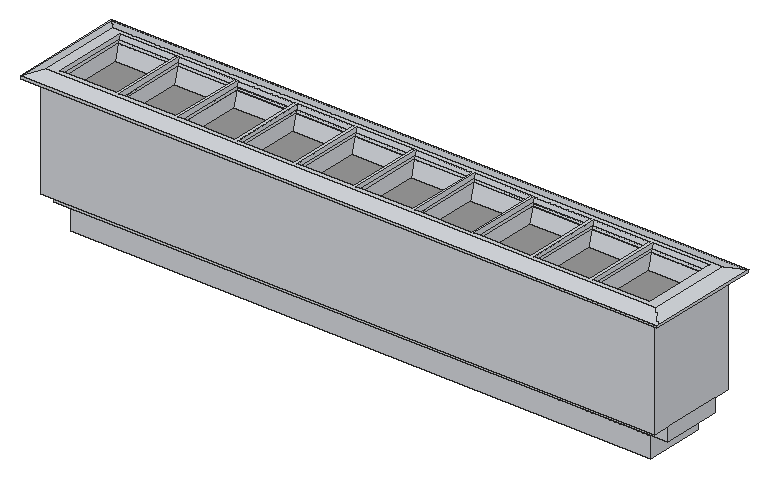
Revit family "2061194 Sylvania Lighting Fixture DOMINO 10xLED 930 BLACK MB TRIM WHITE", category Lighting Fixtures, host Face, Revit 2018
Family settings
  Host = Face
  Round Connector Dimension = Use Diameter
  Part Type = Normal
  OmniClass Number = 23.80.70.00
  OmniClass Title = Lighting
  Cut with Voids When Loaded = No
  Light Source = Yes
  Shared = No
  Room Calculation Point = No
Parameters (values of type "2061194 DOMINO 10XLED 930 BLACK MB TR WHT ")
  top top width = 15.812 mm
  top top length = 255 mm
  Width = 50 mm
  Weight = "n/a"
  Wattage Comments = ""
  Wattage = 9.2903 W
  WarrantyStartDate [instance] = "n/a"
  WarrantyGuarantorParts = "n/a"
  WarrantyDurationUnit = "n/a"
  WarrantyDurationParts = ""
  WarrantyDescription = "http://www.sylvania-lighting.com"
  built-in parameter 1150110 = 1 (stored number, unit not read)
  Voltage = 0 V
  URL = "0.95"
  TypeName = "DOMINO 10xLED 930 BLACK MB TRIM WHITE"
  Type Image = <None>
  Type Comments = "n/a"
  built-in parameter 1114217 = 1 (stored number, unit not read)
  Top Width = 26 mm
  Tilt Angle = 90.00°
  built-in parameter 1150109 = 1 (stored number, unit not read)
  built-in parameter 1150134 = 3
  built-in parameter 1150113 = 1 (stored number, unit not read)
  SerialNumber [instance] = "n/a"
  Recessed Width = 43 mm
  Recessed Length = 276 mm
  Photometric Web File = "2061194.ies"
  Material_3_FEILO = none
  PowerFactor = 0
  PowerConsumption = "Lighting"
  NominalLength = 50 mm
  NominalHeight = 0 mm
  NominalDepth = 0 mm
  Name = "DOMINO 10xLED 930 BLACK MB TRIM WHITE"
  ModelReference = Name  # "DOMINO 10xLED 930 BLACK MB TRIM WHITE"
  ModelNumber = "2061194"
  Model = Name  # "DOMINO 10xLED 930 BLACK MB TRIM WHITE"
  Material = "Feilo Sylvania"
  ManufacturerName = "62 lm/W"
  Manufacturer = ""
  LuminousEfficacy = ""
  built-in parameter 1150105 = 109.82 (stored number, unit not read)
  Lumens = 1380 lm
  LuminaireType = "0"
  built-in parameter 1150115 = 1 (stored number, unit not read)
  LightOutputRatio = "LED"
  built-in parameter 1150137 = (empty or 0)
  built-in parameter 1150139 = (empty or 0)
  Lens inside recess = 25 mm
  Lens Width = 32 mm
  Lens Outside recess = 31.978 mm
  Lens = Glass, White, High Luminance
  Length = 280 mm
  LampsType = Lamp  # "n/a"
  LampNominalLuminous = "3000 K"
  LampMacAdamStep = "90"
  LampColourTemperature = "LED"
  LampColourRenderingIndex = "16500"
  built-in parameter 1150112 = 1 (stored number, unit not read)
  built-in parameter 1150114 = 1 (stored number, unit not read)
  Lamp = "n/a"
  Keynote = "n/a"
  InstallationDate [instance] = "n/a"
  InputVoltage = "0"
  InputNominalFrequency = "3000"
  built-in parameter 1150132 = (empty or 0)
  built-in parameter 1150102 = (empty or 0)
  built-in parameter 1150107 = 3200 (stored number, unit not read)
  built-in parameter 1150138 = (empty or 0)
  IngressProtection = "IfcLightFixtureType"
  ImpactProtectionIndex = "IfcLightFixtureType"
  built-in parameter 1150106 = 1.0982 (stored number, unit not read)
  IfcExportType = "IfcLightFixtureType"
  IfcExportAs = "Class II"
  Facia internal width = 37 mm
  Facia internal length = 268 mm
  Facia Height = 2 mm
  ExpectedLife = 50000
  Emit from Circle Diameter = 609.6 mm
  Emit Shape Visible in Rendering = no
  ElectricShockClassification = "62"
  built-in parameter 1150104 = 13.8 (stored number, unit not read)
  DurationUnit = "hours"
  DocumentationLiterature = "http://www.sylvania-lighting.com/product/en-int/products/2061194"
  DimmingControlOptions = "n/a"
  Material_2_FEILO = none
  Dimming Lamp Color Temperature Shift = <None>
  Description = "Modular LED recessed linear spotlight, ideal for retail and hospitality applications. Die-cast aluminium body, passive cooling. Two levels of reflector installation, low glaring UGR<16. 10x LED source, 30° beam angle , optics: PMMA lens and polycarbonate reflector combination, Black matt reflector finish. Light color temperature: 3000K warm white, total system power: 23W , total fixture lumen output: 1425lm, efficacy: 62 lm/W, Ra90 typical, LED chromacity: 3 step MacAdam ellipse (SDCM3), lifespan: 96,000 hours at 90% of the original output (L90B10), IR/UV free light source without heat radiation, operating voltage: 220-240V / 50-60Hz, electronic driver, ultra low flicker, non-dimmable , electrical protection: Class II. Degree of Protection: IP40/IP20, suitable for indoor environment only. Ceiling cut-out: 43x43mm, outer dimensions:  280x50mm trim frame RAL 9016 - Traffic white / Bezel color.5 years Warranty."
  Default Elevation = 1219.2 mm
  CreatedOn = "11/02/2021"
  CreatedBy = "@sylvania-lighting.com"
  Cost = 0
  Color Filter = 16777215
  built-in parameter 1114216 [instance] = (empty or 0)
  ClassificationValue = "EF_70_80"
  ClassificationName = "Uniclass2015"
  Material_1_FEILO = none
  Body Width = 40 mm
  Body Length = 270 mm
  BarCode [instance] = "n/a"
  built-in parameter 1114218 = 1 (stored number, unit not read)
  built-in parameter 1150133 = 10 (stored number, unit not read)
  AssetType = "Fixed"
  AssetIdentifier [instance] = "n/a"
  Assembly Code = "D5020200"
  Apparent Load = 23 VA
  Material_4_FEILO = none
Reference planes
  plane 1 "Center (Front/Back)": y = 0
  plane 2: z = 0
  plane 3 "Center (Left/Right)": x = 0
  plane 4: z = 0
  plane 5: z = -7
  plane 6: z = -45.895
  plane 7: z = -51.895
  plane 8: z = -60.895
  plane 9: x = -138
  plane 10: x = 138
  plane 11: y = 21.5
  plane 12: y = -21.5
  plane 13: x = -140
  plane 14: x = 140
  plane 15: y = 25
  plane 16: y = -25
  plane 17: x = 134
  plane 18: x = -134
  plane 19: y = 18.5
  plane 20: y = -18.5
  plane 21: z = 2
  plane 22: x = -135
  plane 23: x = 135
  plane 24: y = 20
  plane 25: y = -20
  plane 26: y = 13
  plane 27: y = -13
  plane 28: x = 127.5
  plane 29: x = -127.5
  plane 30: x = -132
  plane 31: y = 16.5
  plane 32: y = -16.472
  plane 33: y = 13
  plane 34: y = -12.972
  plane 35: x = 129.7
  plane 36: x = 127.224
Forms (mm)
  Extrusion 1, solid, not visible, detail levels medium+fine
    sketch origin (4.2, 0, 0) x (1, 0, 0) y (0, 1, 0)
      loop
        line (-29.2, 34.5) -> (-29.2, -34.5) -> (20.8, -34.5) -> (20.8, 34.5) -> (-29.2, 34.5)
    from 0 to 1
  Extrusion 2, solid, not visible, detail levels medium+fine
    sketch origin (4.044, 0, 0) x (1, 0, 0) y (0, 1, 0)
      loop
        line (-29.2, 34.5) -> (-29.2, -34.5) -> (20.8, -34.5) -> (20.8, 34.5) -> (-29.2, 34.5)
    from 0 to 1
  Blend 3, solid, not visible, detail levels medium+fine
    base sketch origin (4.2, 0, 0) x (1, 0, 0) y (0, 1, 0)
      loop
        line (-29.2, 34.5) -> (-29.2, -34.5) -> (20.8, -34.5) -> (20.8, 34.5) -> (-29.2, 34.5)
    top sketch origin (4.2, 0, 0) x (1, 0, 0) y (0, 1, 0)
      loop
        line (-21.7, 28) -> (-21.7, -28) -> (13.3, -28) -> (13.3, 28) -> (-21.7, 28)
    from 1 to 3
  Extrusion 4, solid, not visible, detail levels medium+fine
    sketch origin (3.419, 0, 0) x (1, 0, 0) y (0, 1, 0)
      loop
        line (-29.2, 34.5) -> (-29.2, -34.5) -> (20.8, -34.5) -> (20.8, 34.5) -> (-29.2, 34.5)
    from 0 to 1
  Blend 5, solid, not visible, detail levels medium+fine
    base sketch origin (3.575, 0, 0) x (1, 0, 0) y (0, 1, 0)
      loop
        line (-29.2, 34.5) -> (-29.2, -34.5) -> (20.8, -34.5) -> (20.8, 34.5) -> (-29.2, 34.5)
    top sketch origin (3.575, 0, 0) x (1, 0, 0) y (0, 1, 0)
      loop
        line (-21.7, 28) -> (-21.7, -28) -> (13.3, -28) -> (13.3, 28) -> (-21.7, 28)
    from 1 to 3
  Extrusion 6, solid, not visible, detail levels medium+fine
    sketch origin (4.247, 0, 0) x (1, 0, 0) y (0, 1, 0)
      loop
        line (-29.2, 34.5) -> (-29.2, -34.5) -> (20.8, -34.5) -> (20.8, 34.5) -> (-29.2, 34.5)
    from 0 to 1
  Blend 7, solid, not visible, detail levels medium+fine
    base sketch origin (4.403, 0, 0) x (1, 0, 0) y (0, 1, 0)
      loop
        line (-29.2, 34.5) -> (-29.2, -34.5) -> (20.8, -34.5) -> (20.8, 34.5) -> (-29.2, 34.5)
    top sketch origin (4.403, 0, 0) x (1, 0, 0) y (0, 1, 0)
      loop
        line (-21.7, 28) -> (-21.7, -28) -> (13.3, -28) -> (13.3, 28) -> (-21.7, 28)
    from 1 to 3
  Extrusion 8, void, detail levels medium+fine
    sketch origin (4.2, 0, 0) x (0, 1, 0) y (1, 0, 0)
      loop
        line (21.5, -142.2) -> (21.5, 133.8) -> (-21.5, 133.8) -> (-21.5, -142.2) -> (21.5, -142.2)
    from -9.934 to 83.097
  Extrusion 9, solid, detail levels medium+fine
    sketch origin (4.2, 0, 0) x (1, 0, 0) y (0, 1, 0)
      loop
        line (-144.2, 25) -> (-144.2, -25) -> (135.8, -25) -> (135.8, 25) -> (-144.2, 25)
    from 0 to 1
  Extrusion 10, solid, detail levels medium+fine
    sketch origin (4.2, 0, 0) x (1, 0, 0) y (0, 1, 0)
      loop
        line (-139.2, 20) -> (-139.2, -20) -> (130.8, -20) -> (130.8, 20) -> (-139.2, 20)
    from 0 to -45.895
  Extrusion 11, solid, detail levels medium+fine
    sketch origin (4.2, 0, 0) x (1, 0, 0) y (0, 1, 0)
      loop
        line (-139.2, 13) -> (-139.2, -13) -> (130.8, -13) -> (130.8, 13) -> (-139.2, 13)
    from -51.895 to -45.895
  Extrusion 12, solid, material "Glass, White, High Luminance" <- "Lens", detail levels fine
    sketch origin (-53.155, 1221.106, 36.156) x (1, 0, 0) y (0, 1, 0)
      loop
        line (-76.18, -1206.856) -> (-76.18, -1232.856) -> (-52.18, -1232.856) -> (-52.18, -1206.856) -> (-76.18, -1206.856)
    from -43.156 to -42.182
  Blend 13, solid, detail levels medium+fine
    base sketch origin (4.2, 0, 0) x (1, 0, 0) y (0, 1, 0)
      loop
        line (-144.2, 25) -> (-144.2, -25) -> (135.8, -25) -> (135.8, 25) -> (-144.2, 25)
    top sketch origin (4.2, 0, 0) x (1, 0, 0) y (0, 1, 0)
      loop
        line (-138.2, 18.5) -> (-138.2, -18.5) -> (129.8, -18.5) -> (129.8, 18.5) -> (-138.2, 18.5)
    from 1 to 3
  Extrusion 14, solid, detail levels fine
    sketch origin (0, 0, 0) x (1, 0, 0) y (0, 0, 1)
      loop
        line (-127.5, -51.895) -> (-127.5, -60.895) -> (127.5, -60.895) -> (127.5, -51.895) -> (-127.5, -51.895)
    from -13 to 13
  Blend 15, void
    base sketch origin (-59.8, 0, 0) x (0, 1, 0) y (-1, 0, 0)
      loop
        line (16.5, 69.7) -> (-16.472, 69.7) -> (-16.472, 44.7) -> (16.5, 44.7) -> (16.5, 69.7)
    top sketch origin (-59.8, 0, 0) x (0, 1, 0) y (-1, 0, 0)
      loop
        line (13, 69.2) -> (-12.972, 69.2) -> (-12.972, 45.2) -> (13, 45.2) -> (13, 69.2)
    from 3 to -7
  Blend 16, void
    base sketch origin (18.282, 0, 0) x (0, 1, 0) y (-1, 0, 0)
      loop
        line (16.5, 69.7) -> (-16.472, 69.7) -> (-16.472, 44.7) -> (16.5, 44.7) -> (16.5, 69.7)
    top sketch origin (18.282, 0, 0) x (0, 1, 0) y (-1, 0, 0)
      loop
        line (13, 69.2) -> (-12.972, 69.2) -> (-12.972, 45.2) -> (13, 45.2) -> (13, 69.2)
    from 3 to -7
  Blend 17, void
    base sketch origin (44.284, -0.017, 0) x (0, 1, 0) y (-1, 0, 0)
      loop
        line (16.5, 69.7) -> (-16.472, 69.7) -> (-16.472, 44.7) -> (16.5, 44.7) -> (16.5, 69.7)
    top sketch origin (44.284, -0.017, 0) x (0, 1, 0) y (-1, 0, 0)
      loop
        line (13, 69.2) -> (-12.972, 69.2) -> (-12.972, 45.2) -> (13, 45.2) -> (13, 69.2)
    from 3 to -7
  Blend 18, void
    base sketch origin (70.327, 0, 0) x (0, 1, 0) y (-1, 0, 0)
      loop
        line (16.5, 69.7) -> (-16.472, 69.7) -> (-16.472, 44.7) -> (16.5, 44.7) -> (16.5, 69.7)
    top sketch origin (70.327, 0, 0) x (0, 1, 0) y (-1, 0, 0)
      loop
        line (13, 69.2) -> (-12.972, 69.2) -> (-12.972, 45.2) -> (13, 45.2) -> (13, 69.2)
    from 3 to -7
  Blend 19, void
    base sketch origin (96.351, 0, 0) x (0, 1, 0) y (-1, 0, 0)
      loop
        line (16.5, 69.7) -> (-16.472, 69.7) -> (-16.472, 44.7) -> (16.5, 44.7) -> (16.5, 69.7)
    top sketch origin (96.351, 0, 0) x (0, 1, 0) y (-1, 0, 0)
      loop
        line (13, 69.2) -> (-12.972, 69.2) -> (-12.972, 45.2) -> (13, 45.2) -> (13, 69.2)
    from 3 to -7
  Extrusion 20, solid, material "Glass, White, High Luminance" <- "Lens", detail levels fine
    sketch origin (-29.269, 1219.946, 36.156) x (1, 0, 0) y (0, 1, 0)
      loop
        line (-73.723, -1206.946) -> (-73.723, -1232.946) -> (-49.723, -1232.946) -> (-49.723, -1206.946) -> (-73.723, -1206.946)
    from -43.156 to -42.182
  Extrusion 21, solid, material "Glass, White, High Luminance" <- "Lens", detail levels fine
    sketch origin (-0.613, 1219.733, 36.156) x (1, 0, 0) y (0, 1, 0)
      loop
        line (-76.347, -1206.7) -> (-76.347, -1232.733) -> (-52.347, -1232.733) -> (-52.347, -1206.7) -> (-76.347, -1206.7)
    from -43.156 to -42.182
  Extrusion 22, solid, material "Glass, White, High Luminance" <- "Lens", detail levels fine
    sketch origin (24.387, 1218.509, 36.156) x (1, 0, 0) y (0, 1, 0)
      loop
        line (-75.305, -1205.509) -> (-75.305, -1231.509) -> (-51.305, -1231.509) -> (-51.305, -1205.509) -> (-75.305, -1205.509)
    from -43.156 to -42.182
  Extrusion 23, solid, material "Glass, White, High Luminance" <- "Lens", detail levels fine
    sketch origin (51.187, 1219.547, 36.156) x (1, 0, 0) y (0, 1, 0)
      loop
        line (-76.102, -1206.547) -> (-76.102, -1232.547) -> (-52.102, -1232.547) -> (-52.102, -1206.547) -> (-76.102, -1206.547)
    from -43.156 to -42.182
  Blend 24, void
    base sketch origin (-33.792, 0, 0) x (0, 1, 0) y (-1, 0, 0)
      loop
        line (16.5, 69.7) -> (-16.472, 69.7) -> (-16.472, 44.7) -> (16.5, 44.7) -> (16.5, 69.7)
    top sketch origin (-33.792, 0, 0) x (0, 1, 0) y (-1, 0, 0)
      loop
        line (13, 69.2) -> (-12.972, 69.2) -> (-12.972, 45.2) -> (13, 45.2) -> (13, 69.2)
    from 3 to -7
  Blend 25, void
    base sketch origin (-7.76, 0, 0) x (0, 1, 0) y (-1, 0, 0)
      loop
        line (16.5, 69.7) -> (-16.472, 69.7) -> (-16.472, 44.7) -> (16.5, 44.7) -> (16.5, 69.7)
    top sketch origin (-7.76, 0, 0) x (0, 1, 0) y (-1, 0, 0)
      loop
        line (13, 69.2) -> (-12.972, 69.2) -> (-12.972, 45.2) -> (13, 45.2) -> (13, 69.2)
    from 3 to -7
  Blend 26, void
    base sketch origin (122.411, 0, 0) x (0, 1, 0) y (-1, 0, 0)
      loop
        line (16.5, 69.7) -> (-16.472, 69.7) -> (-16.472, 44.7) -> (16.5, 44.7) -> (16.5, 69.7)
    top sketch origin (122.411, 0, 0) x (0, 1, 0) y (-1, 0, 0)
      loop
        line (13, 69.2) -> (-12.972, 69.2) -> (-12.972, 45.2) -> (13, 45.2) -> (13, 69.2)
    from 3 to -7
  Extrusion 27, solid, material "Glass, White, High Luminance" <- "Lens", detail levels fine
    sketch origin (77.265, 1219.547, 36.156) x (1, 0, 0) y (0, 1, 0)
      loop
        line (-76.102, -1206.547) -> (-76.102, -1232.547) -> (-52.102, -1232.547) -> (-52.102, -1206.547) -> (-76.102, -1206.547)
    from -43.156 to -42.182
  Extrusion 28, solid, material "Glass, White, High Luminance" <- "Lens", detail levels fine
    sketch origin (100.753, 1219.547, 36.156) x (1, 0, 0) y (0, 1, 0)
      loop
        line (-76.102, -1206.547) -> (-76.102, -1232.547) -> (-52.102, -1232.547) -> (-52.102, -1206.547) -> (-76.102, -1206.547)
    from -43.156 to -42.182
  Extrusion 29, solid, material "Glass, White, High Luminance" <- "Lens", detail levels fine
    sketch origin (129.314, 1219.547, 36.156) x (1, 0, 0) y (0, 1, 0)
      loop
        line (-76.102, -1206.547) -> (-76.102, -1232.547) -> (-52.102, -1232.547) -> (-52.102, -1206.547) -> (-76.102, -1206.547)
    from -43.156 to -42.182
  Blend 30, void
    base sketch origin (148.416, 0, 0) x (0, 1, 0) y (-1, 0, 0)
      loop
        line (16.5, 69.7) -> (-16.472, 69.7) -> (-16.472, 44.7) -> (16.5, 44.7) -> (16.5, 69.7)
    top sketch origin (148.416, 0, 0) x (0, 1, 0) y (-1, 0, 0)
      loop
        line (13, 69.2) -> (-12.972, 69.2) -> (-12.972, 45.2) -> (13, 45.2) -> (13, 69.2)
    from 3 to -7
  Extrusion 31, solid, material "Glass, White, High Luminance" <- "Lens", detail levels fine
    sketch origin (155.278, 1219.547, 36.156) x (1, 0, 0) y (0, 1, 0)
      loop
        line (-76.102, -1206.547) -> (-76.102, -1232.547) -> (-52.102, -1232.547) -> (-52.102, -1206.547) -> (-76.102, -1206.547)
    from -43.156 to -42.182
  Blend 32, void
    base sketch origin (174.42, 0, 0) x (0, 1, 0) y (-1, 0, 0)
      loop
        line (16.5, 69.7) -> (-16.472, 69.7) -> (-16.472, 44.7) -> (16.5, 44.7) -> (16.5, 69.7)
    top sketch origin (174.42, 0, 0) x (0, 1, 0) y (-1, 0, 0)
      loop
        line (13, 69.2) -> (-12.972, 69.2) -> (-12.972, 45.2) -> (13, 45.2) -> (13, 69.2)
    from 3 to -7
  Extrusion 33, solid, material "Glass, White, High Luminance" <- "Lens", detail levels fine
    sketch origin (181.434, 1219.547, 36.156) x (1, 0, 0) y (0, 1, 0)
      loop
        line (-76.214, -1206.547) -> (-76.214, -1232.547) -> (-52.214, -1232.547) -> (-52.214, -1206.547) -> (-76.214, -1206.547)
    from -43.156 to -42.182
  Extrusion 34, solid, detail levels coarse
    sketch origin (4.2, 0, 0) x (1, 0, 0) y (0, 1, 0)
      loop
        line (-144.2, 25) -> (-144.2, -25) -> (135.8, -25) -> (135.8, 25) -> (-144.2, 25)
    from -60.895 to 3
Cuts and joins
  Blend 15, Blend 16, Blend 17, Blend 18, Blend 19, Blend 24, Blend 25, Blend 26, Blend 30, Blend 32 cuts Extrusion 9
  Blend 15, Blend 16, Blend 17, Blend 18, Blend 19, Blend 24, Blend 25, Blend 26, Blend 30, Blend 32 cuts Extrusion 10
  Blend 15, Blend 16, Blend 17, Blend 18, Blend 19, Blend 24, Blend 25, Blend 26, Blend 30, Blend 32 cuts Blend 13
  Blend 32 cuts Extrusion 31
Dimensions and locks
  "Recessed Length": plane 9 to plane 10
  equal spacing: plane 9, plane 3 "Center (Left/Right)", plane 10
  "Length": plane 13 to plane 14
  equal spacing: plane 13, plane 3 "Center (Left/Right)", plane 14
  "Recessed Width": plane 11 to plane 12
  equal spacing: plane 11, plane 1 "Center (Front/Back)", plane 12
  "Width": plane 15 to plane 16
  equal spacing: plane 15, plane 1 "Center (Front/Back)", plane 16
  "Facia internal length": plane 18 to plane 17
  equal spacing: plane 18, plane 3 "Center (Left/Right)", plane 17
  "Facia internal width": plane 19 to plane 20
  equal spacing: plane 19, plane 1 "Center (Front/Back)", plane 20
  "Facia Height": plane 21 to host face
  "Body Length": plane 22 to plane 23
  equal spacing: plane 22, plane 3 "Center (Left/Right)", plane 23
  "Body Width": plane 24 to plane 25
  equal spacing: plane 24, plane 1 "Center (Front/Back)", plane 25
  "Top Width": plane 26 to plane 27
  equal spacing: plane 26, plane 1 "Center (Front/Back)", plane 27
  "top top length": plane 29 to plane 28
  equal spacing: plane 29, plane 3 "Center (Left/Right)", plane 28  (x2)
  plane 28 to plane 29 = 255 mm
  equal spacing: plane 28, plane 3 "Center (Left/Right)", plane 29
  aligned and locked: plane 2 to host face
  aligned and locked: level to host face
  aligned and locked: Extrusion 11 to plane 7
  aligned and locked: Extrusion 10 to plane 6
  aligned and locked: Extrusion 12 to plane 5
Automatic sketch dimensions
  Extrusion 1 sketch curve to Extrusion 1 sketch curve = 50 mm
  Extrusion 1 sketch curve to Extrusion 1 sketch curve = 69 mm
  Extrusion 2 sketch curve to Extrusion 2 sketch curve = 50 mm
  Extrusion 2 sketch curve to Extrusion 2 sketch curve = 69 mm
  Blend 3 sketch curve to Blend 3 sketch curve = 50 mm
  Blend 3 sketch curve to Blend 3 sketch curve = 69 mm
  Blend 3 sketch curve to Blend 3 sketch curve = 35 mm
  Blend 3 sketch curve to Blend 3 sketch curve = 56 mm
  Extrusion 4 sketch curve to Extrusion 4 sketch curve = 50 mm
  Extrusion 4 sketch curve to Extrusion 4 sketch curve = 69 mm
  Blend 5 sketch curve to Blend 5 sketch curve = 50 mm
  Blend 5 sketch curve to Blend 5 sketch curve = 69 mm
  Blend 5 sketch curve to Blend 5 sketch curve = 35 mm
  Blend 5 sketch curve to Blend 5 sketch curve = 56 mm
  Extrusion 6 sketch curve to Extrusion 6 sketch curve = 50 mm
  Extrusion 6 sketch curve to Extrusion 6 sketch curve = 69 mm
  Blend 7 sketch curve to Blend 7 sketch curve = 50 mm
  Blend 7 sketch curve to Blend 7 sketch curve = 69 mm
  Blend 7 sketch curve to Blend 7 sketch curve = 35 mm
  Blend 7 sketch curve to Blend 7 sketch curve = 56 mm
  host sketch curve to host sketch curve = 2438.4 mm  (x2)
  Extrusion 8 sketch curve to plane 9 = 0 mm
  Extrusion 8 sketch curve to plane 12 = 0 mm
  Extrusion 8 sketch curve to plane 11 = 0 mm
  Extrusion 8 sketch curve to plane 10 = 0 mm
  Extrusion 9 sketch curve to plane 13 = 0 mm
  Extrusion 9 sketch curve to plane 14 = 0 mm
  Extrusion 9 sketch curve to plane 16 = 0 mm
  Extrusion 9 sketch curve to plane 15 = 0 mm
  Extrusion 10 sketch curve to plane 22 = 0 mm
  Extrusion 10 sketch curve to plane 23 = 0 mm
  Extrusion 10 sketch curve to plane 25 = 0 mm
  Extrusion 10 sketch curve to plane 24 = 0 mm
  Extrusion 11 sketch curve to plane 22 = 0 mm
  Extrusion 11 sketch curve to plane 23 = 0 mm
  Extrusion 11 sketch curve to plane 27 = 0 mm
  plane 26 to Extrusion 11 sketch curve = 0 mm
  plane 27 to Extrusion 12 sketch curve = 1.25 mm
  plane 26 to Extrusion 12 sketch curve = 1.25 mm
  plane 30 to Extrusion 12 sketch curve = 2.665 mm
  Blend 13 sketch curve to plane 13 = 0 mm
  Blend 13 sketch curve to plane 14 = 0 mm
  Blend 13 sketch curve to plane 16 = 0 mm
  Blend 13 sketch curve to plane 15 = 0 mm
  Blend 13 sketch curve to plane 18 = 0 mm
  Blend 13 sketch curve to plane 17 = 0 mm
  Blend 13 sketch curve to plane 20 = 0 mm
  Blend 13 sketch curve to plane 19 = 0 mm
  Extrusion 14 sketch curve to plane 8 = 0 mm
  Extrusion 14 sketch curve to plane 29 = 0 mm
  Extrusion 14 sketch curve to plane 28 = 0 mm
  Extrusion 14 sketch curve to plane 7 = 0 mm
  plane 30 to Blend 15 sketch curve = 2.5 mm
  Blend 15 sketch curve to plane 32 = 0 mm
  Blend 15 sketch curve to plane 31 = 0 mm
  Blend 15 sketch curve to plane 34 = 0 mm
  Blend 15 sketch curve to plane 26 = 0 mm
  plane 30 to Blend 15 sketch curve = 3 mm
  Blend 16 sketch curve to plane 32 = 0 mm
  Blend 16 sketch curve to plane 31 = 0 mm
  Blend 16 sketch curve to plane 34 = 0 mm
  Blend 16 sketch curve to plane 26 = 0 mm
  Blend 17 sketch curve to plane 32 = 0.017 mm
  Blend 17 sketch curve to plane 31 = 0.017 mm
  plane 27 to Blend 17 sketch curve = 0.011 mm
  Blend 17 sketch curve to plane 26 = 0.017 mm
  plane 32 to Blend 18 sketch curve = 0 mm
  plane 31 to Blend 18 sketch curve = 0 mm
  plane 34 to Blend 18 sketch curve = 0 mm
  plane 26 to Blend 18 sketch curve = 0 mm
  Blend 19 sketch curve to plane 32 = 0 mm
  Blend 19 sketch curve to plane 31 = 0 mm
  Blend 19 sketch curve to plane 34 = 0 mm
  Blend 19 sketch curve to plane 26 = 0 mm
  Extrusion 20 sketch curve to plane 27 = 0 mm
  Extrusion 20 sketch curve to plane 26 = 0 mm
  Extrusion 21 sketch curve to plane 27 = 0 mm
  plane 26 to Extrusion 21 sketch curve = 0.033 mm
  Extrusion 22 sketch curve to plane 27 = 0 mm
  Extrusion 22 sketch curve to plane 26 = 0 mm
  Extrusion 23 sketch curve to plane 27 = 0 mm
  Extrusion 23 sketch curve to plane 26 = 0 mm
  Blend 24 sketch curve to plane 32 = 0 mm
  Blend 24 sketch curve to plane 31 = 0 mm
  Blend 24 sketch curve to plane 34 = 0 mm
  Blend 24 sketch curve to plane 26 = 0 mm
  Blend 25 sketch curve to plane 32 = 0 mm
  Blend 25 sketch curve to plane 31 = 0 mm
  Blend 25 sketch curve to plane 34 = 0 mm
  Blend 25 sketch curve to plane 26 = 0 mm
  Blend 26 sketch curve to plane 32 = 0 mm
  Blend 26 sketch curve to plane 31 = 0 mm
  Blend 26 sketch curve to plane 34 = 0 mm
  Blend 26 sketch curve to plane 26 = 0 mm
  Extrusion 27 sketch curve to plane 27 = 0 mm
  Extrusion 27 sketch curve to plane 26 = 0 mm
  Extrusion 28 sketch curve to plane 27 = 0 mm
  Extrusion 28 sketch curve to plane 26 = 0 mm
  Extrusion 29 sketch curve to plane 27 = 0 mm
  Extrusion 29 sketch curve to plane 26 = 0 mm
  Blend 30 sketch curve to plane 32 = 0 mm
  Blend 30 sketch curve to plane 31 = 0 mm
  Blend 30 sketch curve to plane 34 = 0 mm
  Blend 30 sketch curve to plane 26 = 0 mm
  Extrusion 31 sketch curve to plane 27 = 0 mm
  Extrusion 31 sketch curve to plane 26 = 0 mm
  Blend 32 sketch curve to plane 32 = 0 mm
  Blend 32 sketch curve to plane 31 = 0 mm
  plane 28 to Blend 32 sketch curve = 2.22 mm
  Blend 32 sketch curve to plane 34 = 0 mm
  Blend 32 sketch curve to plane 26 = 0 mm
  plane 28 to Blend 32 sketch curve = 1.72 mm
  plane 27 to Extrusion 33 sketch curve = 0 mm
  plane 26 to Extrusion 33 sketch curve = 0 mm
  plane 28 to Extrusion 33 sketch curve = 1.72 mm
  Extrusion 21 sketch curve to Extrusion 21 sketch curve = 24 mm
  Blend 25 sketch curve to Blend 25 sketch curve = 24 mm
  plane 29 to Extrusion 12 sketch curve = 22.165 mm
  plane 29 to Blend 15 sketch curve = 23 mm
  plane 29 to Blend 15 sketch curve = 22.5 mm
  plane 29 to Extrusion 20 sketch curve = 24.508 mm
  Extrusion 20 sketch curve to Extrusion 20 sketch curve = 24 mm
  plane 29 to Blend 24 sketch curve = 49.008 mm
  plane 29 to Blend 24 sketch curve = 24.008 mm
  plane 29 to Blend 24 sketch curve = 48.508 mm
  Blend 24 sketch curve to Blend 24 sketch curve = 24 mm
  Blend 25 sketch curve to Blend 25 sketch curve = 25 mm
  Blend 16 sketch curve to Blend 16 sketch curve = 25 mm
  Blend 16 sketch curve to Blend 16 sketch curve = 24 mm
  plane 29 to Extrusion 21 sketch curve = 50.54 mm
  Extrusion 22 sketch curve to Extrusion 22 sketch curve = 24 mm
  Blend 16 sketch curve to plane 3 "Center (Left/Right)" = 26.418 mm
  Blend 16 sketch curve to plane 3 "Center (Left/Right)" = 26.918 mm
  Blend 17 sketch curve to plane 3 "Center (Left/Right)" = 0.416 mm
  Blend 17 sketch curve to Blend 17 sketch curve = 25 mm
  Blend 17 sketch curve to plane 3 "Center (Left/Right)" = 0.916 mm
  Blend 17 sketch curve to Blend 17 sketch curve = 24 mm
  plane 3 "Center (Left/Right)" to Blend 18 sketch curve = 0.627 mm
  plane 3 "Center (Left/Right)" to Blend 18 sketch curve = 1.127 mm
  Extrusion 22 sketch curve to plane 3 "Center (Left/Right)" = 50.918 mm
  Extrusion 23 sketch curve to plane 3 "Center (Left/Right)" = 24.916 mm
  Extrusion 23 sketch curve to plane 3 "Center (Left/Right)" = 0.916 mm
  Blend 25 sketch curve to plane 3 "Center (Left/Right)" = 52.46 mm
  Blend 25 sketch curve to plane 3 "Center (Left/Right)" = 52.96 mm
  plane 3 "Center (Left/Right)" to Extrusion 27 sketch curve = 1.162 mm
  Blend 18 sketch curve to Blend 18 sketch curve = 25 mm
  Blend 18 sketch curve to Blend 18 sketch curve = 24 mm
  plane 3 "Center (Left/Right)" to Blend 19 sketch curve = 51.651 mm
  Blend 19 sketch curve to Blend 19 sketch curve = 25 mm
  plane 3 "Center (Left/Right)" to Blend 19 sketch curve = 51.151 mm
  Blend 19 sketch curve to Blend 19 sketch curve = 24 mm
  Blend 26 sketch curve to plane 36 = 49.513 mm
  Blend 26 sketch curve to Blend 26 sketch curve = 25 mm
  Blend 26 sketch curve to plane 36 = 50.013 mm
  Blend 26 sketch curve to Blend 26 sketch curve = 24 mm
  Extrusion 27 sketch curve to Extrusion 27 sketch curve = 24 mm
  plane 3 "Center (Left/Right)" to Extrusion 28 sketch curve = 24.651 mm
  Extrusion 28 sketch curve to Extrusion 28 sketch curve = 24 mm
  plane 3 "Center (Left/Right)" to Extrusion 29 sketch curve = 53.211 mm
  Extrusion 29 sketch curve to Extrusion 29 sketch curve = 24 mm
  Blend 30 sketch curve to plane 36 = 23.508 mm
  Blend 30 sketch curve to Blend 30 sketch curve = 25 mm
  Blend 30 sketch curve to plane 36 = 24.008 mm
  Blend 30 sketch curve to Blend 30 sketch curve = 24 mm
  Extrusion 31 sketch curve to plane 36 = 48.048 mm
  Extrusion 31 sketch curve to Extrusion 31 sketch curve = 24 mm
  Blend 32 sketch curve to plane 36 = 22.504 mm
  Blend 32 sketch curve to plane 36 = 22.004 mm
  Extrusion 33 sketch curve to plane 36 = 22.004 mm
  Extrusion 34 sketch curve to plane 13 = 0 mm
  Extrusion 34 sketch curve to plane 14 = 0 mm
  Extrusion 34 sketch curve to plane 16 = 0 mm
  Extrusion 34 sketch curve to plane 15 = 0 mm
Connectors
  electrical at (0, 0, -60.895)
    settings: on Extrusion 14, index 1, voltage 0 V, apparent load 0 VA, apparent load phase1 0 VA, apparent load phase2 0 VA, apparent load phase3 0 VA, power factor 1, load classification "Other", number of poles 1, system type 31, power factor state 1, is connector primary yes, connector utility no, sub classification motor no, connector description ""
